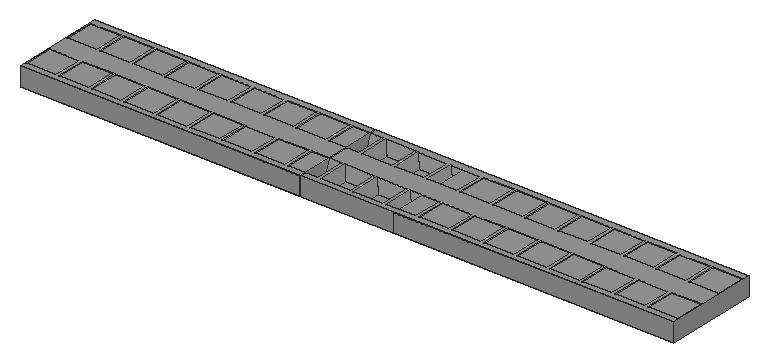
Revit family "2023777", category Lighting Fixtures, host Face, Revit 2018
Family settings
  Host = Face
  Round Connector Dimension = Use Diameter
  Part Type = Normal
  OmniClass Number = 23.80.70.00
  OmniClass Title = Lighting
  Cut with Voids When Loaded = No
  Light Source = Yes
  Shared = No
  Room Calculation Point = No
Parameters (values of type "2023777 OPTIX S 1500 2L D/I HO 4K WHT DA")
  Weight = "n/a"
  Wattage Comments = ""
  Wattage = 9.2903 W
  WarrantyStartDate [instance] = "n/a"
  WarrantyGuarantorParts = "n/a"
  WarrantyDurationUnit = "n/a"
  WarrantyDurationParts = ""
  WarrantyDescription = "http://www.sylvania-lighting.com"
  built-in parameter 1150110 = 1 (stored number, unit not read)
  Voltage = 0 V
  URL = "0.98"
  TypeName = "OPTIX SURFACE 1500 2L D/I HO 4000K WHT DALI"
  Type Image = <None>
  Type Comments = "n/a"
  built-in parameter 1114217 = 1 (stored number, unit not read)
  Tilt Angle = -90.00°
  built-in parameter 1150109 = 1 (stored number, unit not read)
  built-in parameter 1150134 = 3
  built-in parameter 1150113 = 1 (stored number, unit not read)
  SerialNumber [instance] = "n/a"
  Photometric Web File = "2023777.ies"
  Material_3_SYL = none
  PowerFactor = 0
  PowerConsumption = "Lighting"
  NominalLength = 200 mm
  NominalHeight = 45 mm
  NominalDepth = 200 mm
  Name = "OPTIX SURFACE 1500 2L D/I HO 4000K WHT DALI"
  ModelReference = Name  # "OPTIX SURFACE 1500 2L D/I HO 4000K WHT DALI"
  ModelNumber = "2023777"
  Model = Name  # "OPTIX SURFACE 1500 2L D/I HO 4000K WHT DALI"
  Material = "Feilo Sylvania"
  ManufacturerName = "171 lm/W"
  Manufacturer = ""
  LuminousEfficacy = ""
  built-in parameter 1150105 = 109.82 (stored number, unit not read)
  Lumens = 1380 lm
  LuminaireType = "0"
  built-in parameter 1150115 = 1 (stored number, unit not read)
  LightOutputRatio = "LED"
  built-in parameter 1150137 = (empty or 0)
  built-in parameter 1150139 = (empty or 0)
  LampsType = Lamp  # "n/a"
  LampNominalLuminous = "4000 K"
  LampMacAdamStep = "80"
  LampColourTemperature = "LED"
  LampColourRenderingIndex = "16500"
  built-in parameter 1150112 = 1 (stored number, unit not read)
  built-in parameter 1150114 = 1 (stored number, unit not read)
  Lamp = "n/a"
  Keynote = "n/a"
  InstallationDate [instance] = "n/a"
  InputVoltage = "0"
  InputNominalFrequency = "4000"
  built-in parameter 1150132 = (empty or 0)
  built-in parameter 1150102 = (empty or 0)
  built-in parameter 1150107 = 3200 (stored number, unit not read)
  built-in parameter 1150138 = (empty or 0)
  IngressProtection = "IfcLightFixtureType"
  ImpactProtectionIndex = "IfcLightFixtureType"
  built-in parameter 1150106 = 1.0982 (stored number, unit not read)
  IfcExportType = "IfcLightFixtureType"
  IfcExportAs = "Class I"
  Emit from Circle Diameter = 609.6 mm
  Emit Shape Visible in Rendering = no
  ElectricShockClassification = "171"
  built-in parameter 1150104 = 13.8 (stored number, unit not read)
  DocumentationLiterature = "http://www.sylvania-lighting.com/product/en-int/products/2023777"
  DimmingControlOptions = "n/a"
  Material_2_SYL = none
  Dimming Lamp Color Temperature Shift = <None>
  Description = "OPTIX SURFACE 1500x200 2 LINE D/I HO 4000K WHT DALI is a high efficacy low glare luminaire for office and education applications. Direct / Indirect lighting with 80% downlight and 20% uplight ratio for ceiling suspended mounting. Size: 1410x200x45mm. White plastic low glare optics in 2 lines configuration. White RAL9016 fixture body. DALI dimmable. 4000K Neutral White LED, CRI>80, chromaticity tolerance of 3-step MacAdam ellipse. Luminous flux 7000lm. Power consumption 44W. Luminaire efficacy 159lm/W. Lifespan: 60,000 hours L90B10. UGR<19, Luminance at 65°<3000 Cd/m2, IK07, IP20. Photobiological safety risk group 1. Electrical protection Class I. Glow wire test 850°C."
  Default Elevation = 1219.2 mm
  CreatedOn = "22/09/2022"
  CreatedBy = "@sylvania-lighting.com"
  Cost = 0
  Color Filter = 16777215
  built-in parameter 1114216 [instance] = (empty or 0)
  ClassificationValue = "EF_70_80"
  ClassificationName = "Uniclass2015"
  Material_1_SYL = none
  BarCode [instance] = "n/a"
  built-in parameter 1114218 = 1 (stored number, unit not read)
  built-in parameter 1150133 = 10 (stored number, unit not read)
  AssetType = "Fixed"
  AssetIdentifier [instance] = "n/a"
  Assembly Code = "D5020200"
  Apparent Load = 41 VA
  Material_4_SYL = none
Reference planes
  plane 1 "Center (Front/Back)": y = 0
  plane 2: z = 0
  plane 3 "Center (Left/Right)": x = 0
  plane 4: x = -100
  plane 5: x = 100
  plane 6: y = 100
  plane 7: y = -100
  plane 8: z = 45
  plane 9: x = -698.5
  plane 10: x = 698.5
  plane 11: x = -633
  plane 12: y = 23
  plane 13: y = -23
  plane 14: x = -563
  plane 15: x = -557
  plane 16: x = -493
  plane 17: x = -487
  plane 18: x = -423
  plane 19: x = -417
  plane 20: x = -353
  plane 21: x = -347
  plane 22: x = -283
  plane 23: x = -277
  plane 24: x = -213
  plane 25: x = -206.997
  plane 26: x = -142.997
  plane 27: x = -136.997
  plane 28: x = -72.997
  plane 29: x = -66.997
  plane 30: x = -2.997
  plane 31: x = 3.003
  plane 32: x = 67.003
  plane 33: x = 73.003
  plane 34: x = 137.003
  plane 35: x = 143.003
  plane 36: x = 207.003
  plane 37: x = 213.003
  plane 38: x = 277.003
  plane 39: x = 283.003
  plane 40: x = 347.003
  plane 41: x = 353.003
  plane 42: x = 417.003
  plane 43: x = 423.003
  plane 44: x = 487.003
  plane 45: x = 493.003
  plane 46: x = 557.003
  plane 47: x = 563.003
  plane 48: x = 627.003
  plane 49: x = 633.003
  plane 50: x = -627
  plane 51: x = 697.011
  plane 52: x = -697
  plane 53: y = -87
  plane 54: y = -55
  plane 55: y = -33.5
  plane 56: y = -76.5
  plane 57: x = -665
  plane 58: x = -643.5
  plane 59: x = -686.5
  plane 60: x = -595
  plane 61: y = -5
  plane 62: z = 52.5
Forms (mm)
  Extrusion 1, solid, material "Aluminum", detail levels medium+fine
    sketch origin (0, 0, 0) x (1, 0, 0) y (0, 1, 0)
      loop
        line (-512.5, 10) -> (-512.5, -10) -> (-487.5, -10) -> (-487.5, 10) -> (-512.5, 10)
    from 0 to 6
  Extrusion 2, solid, material "Aluminum", detail levels medium+fine
    sketch origin (0, 0, 0) x (1, 0, 0) y (0, 1, 0)
      loop
        line (486, 10) -> (486, -10) -> (511, -10) -> (511, 10) -> (486, 10)
    from 0 to 6
  Extrusion 3, solid, material "Aluminum", detail levels medium+fine
    sketch origin (0, 0, 0) x (1, 0, 0) y (0, 1, 0)
      loop
        line (-698.5, 100) -> (-698.5, -100) -> (698.5, -100) -> (698.5, 100) -> (-698.5, 100)
    from 6 to 45
  Extrusion 4, solid, material "Aluminum", detail levels medium+fine
    sketch origin (0, 0, 0) x (1, 0, 0) y (0, 1, 0)
      loop
        line (-100, 100) -> (-698.5, 100) -> (-698.5, -100) -> (-100, -100) -> (-100, 100)
    from 6 to 45
  Extrusion 5, solid, material "Aluminum", detail levels medium+fine
    sketch origin (0, 0, 0) x (1, 0, 0) y (0, 1, 0)
      loop
        line (698.5, 100) -> (100, 100) -> (100, -100) -> (698.5, -100) -> (698.5, 100)
    from 6 to 45
  Blend 6, void
    base sketch origin (0, 0, 0) x (1, 0, 0) y (0, 1, 0)
      loop
        line (-697, -23) -> (-697, -87) -> (-633, -87) -> (-633, -23) -> (-697, -23)
    top sketch origin (0, 0, 0) x (1, 0, 0) y (0, 1, 0)
      loop
        line (-686.5, -33.5) -> (-686.5, -76.5) -> (-643.5, -76.5) -> (-643.5, -33.5) -> (-686.5, -33.5)
    from 45 to 18.5
  Extrusion 7, solid, material "Glass, White, High Luminance", detail levels fine
    sketch origin (0, 0, 0) x (1, 0, 0) y (0, 1, 0)
      loop
        line (-686.5, -33.5) -> (-686.5, -76.5) -> (-643.5, -76.5) -> (-643.5, -33.5) -> (-686.5, -33.5)
    from 18.5 to 20
  Blend 8, void
    base sketch origin (70, 0, 0) x (1, 0, 0) y (0, 1, 0)
      loop
        line (-697, -23) -> (-697, -87) -> (-633, -87) -> (-633, -23) -> (-697, -23)
    top sketch origin (70, 0, 0) x (1, 0, 0) y (0, 1, 0)
      loop
        line (-686.5, -33.5) -> (-686.5, -76.5) -> (-643.5, -76.5) -> (-643.5, -33.5) -> (-686.5, -33.5)
    from 45 to 18.5
  Blend 9, void
    base sketch origin (140, 0, 0) x (1, 0, 0) y (0, 1, 0)
      loop
        line (-697, -23) -> (-697, -87) -> (-633, -87) -> (-633, -23) -> (-697, -23)
    top sketch origin (140, 0, 0) x (1, 0, 0) y (0, 1, 0)
      loop
        line (-686.5, -33.5) -> (-686.5, -76.5) -> (-643.5, -76.5) -> (-643.5, -33.5) -> (-686.5, -33.5)
    from 45 to 18.5
  Blend 10, void
    base sketch origin (210, 0, 0) x (1, 0, 0) y (0, 1, 0)
      loop
        line (-697, -23) -> (-697, -87) -> (-633, -87) -> (-633, -23) -> (-697, -23)
    top sketch origin (210, 0, 0) x (1, 0, 0) y (0, 1, 0)
      loop
        line (-686.5, -33.5) -> (-686.5, -76.5) -> (-643.5, -76.5) -> (-643.5, -33.5) -> (-686.5, -33.5)
    from 45 to 18.5
  Blend 11, void
    base sketch origin (280, 0, 0) x (1, 0, 0) y (0, 1, 0)
      loop
        line (-697, -23) -> (-697, -87) -> (-633, -87) -> (-633, -23) -> (-697, -23)
    top sketch origin (280, 0, 0) x (1, 0, 0) y (0, 1, 0)
      loop
        line (-686.5, -33.5) -> (-686.5, -76.5) -> (-643.5, -76.5) -> (-643.5, -33.5) -> (-686.5, -33.5)
    from 45 to 18.5
  Blend 12, void
    base sketch origin (350, 0, 0) x (1, 0, 0) y (0, 1, 0)
      loop
        line (-697, -23) -> (-697, -87) -> (-633, -87) -> (-633, -23) -> (-697, -23)
    top sketch origin (350, 0, 0) x (1, 0, 0) y (0, 1, 0)
      loop
        line (-686.5, -33.5) -> (-686.5, -76.5) -> (-643.5, -76.5) -> (-643.5, -33.5) -> (-686.5, -33.5)
    from 45 to 18.5
  Blend 13, void
    base sketch origin (420, 0, 0) x (1, 0, 0) y (0, 1, 0)
      loop
        line (-697, -23) -> (-697, -87) -> (-633, -87) -> (-633, -23) -> (-697, -23)
    top sketch origin (420, 0, 0) x (1, 0, 0) y (0, 1, 0)
      loop
        line (-686.5, -33.5) -> (-686.5, -76.5) -> (-643.5, -76.5) -> (-643.5, -33.5) -> (-686.5, -33.5)
    from 45 to 18.5
  Blend 14, void
    base sketch origin (490.003, 0, 0) x (1, 0, 0) y (0, 1, 0)
      loop
        line (-697, -23) -> (-697, -87) -> (-633, -87) -> (-633, -23) -> (-697, -23)
    top sketch origin (490.003, 0, 0) x (1, 0, 0) y (0, 1, 0)
      loop
        line (-686.5, -33.5) -> (-686.5, -76.5) -> (-643.5, -76.5) -> (-643.5, -33.5) -> (-686.5, -33.5)
    from 45 to 18.5
  Blend 15, void
    base sketch origin (560.003, 0, 0) x (1, 0, 0) y (0, 1, 0)
      loop
        line (-697, -23) -> (-697, -87) -> (-633, -87) -> (-633, -23) -> (-697, -23)
    top sketch origin (560.003, 0, 0) x (1, 0, 0) y (0, 1, 0)
      loop
        line (-686.5, -33.5) -> (-686.5, -76.5) -> (-643.5, -76.5) -> (-643.5, -33.5) -> (-686.5, -33.5)
    from 45 to 18.5
  Blend 16, void
    base sketch origin (630.003, 0, 0) x (1, 0, 0) y (0, 1, 0)
      loop
        line (-697, -23) -> (-697, -87) -> (-633, -87) -> (-633, -23) -> (-697, -23)
    top sketch origin (630.003, 0, 0) x (1, 0, 0) y (0, 1, 0)
      loop
        line (-686.5, -33.5) -> (-686.5, -76.5) -> (-643.5, -76.5) -> (-643.5, -33.5) -> (-686.5, -33.5)
    from 45 to 18.5
  Blend 17, void
    base sketch origin (700.003, 0, 0) x (1, 0, 0) y (0, 1, 0)
      loop
        line (-697, -23) -> (-697, -87) -> (-633, -87) -> (-633, -23) -> (-697, -23)
    top sketch origin (700.003, 0, 0) x (1, 0, 0) y (0, 1, 0)
      loop
        line (-686.5, -33.5) -> (-686.5, -76.5) -> (-643.5, -76.5) -> (-643.5, -33.5) -> (-686.5, -33.5)
    from 45 to 18.5
  Blend 18, void
    base sketch origin (770.003, 0, 0) x (1, 0, 0) y (0, 1, 0)
      loop
        line (-697, -23) -> (-697, -87) -> (-633, -87) -> (-633, -23) -> (-697, -23)
    top sketch origin (770.003, 0, 0) x (1, 0, 0) y (0, 1, 0)
      loop
        line (-686.5, -33.5) -> (-686.5, -76.5) -> (-643.5, -76.5) -> (-643.5, -33.5) -> (-686.5, -33.5)
    from 45 to 18.5
  Blend 19, void
    base sketch origin (840.003, 0, 0) x (1, 0, 0) y (0, 1, 0)
      loop
        line (-697, -23) -> (-697, -87) -> (-633, -87) -> (-633, -23) -> (-697, -23)
    top sketch origin (840.003, 0, 0) x (1, 0, 0) y (0, 1, 0)
      loop
        line (-686.5, -33.5) -> (-686.5, -76.5) -> (-643.5, -76.5) -> (-643.5, -33.5) -> (-686.5, -33.5)
    from 45 to 18.5
  Blend 20, void
    base sketch origin (910.003, 0, 0) x (1, 0, 0) y (0, 1, 0)
      loop
        line (-697, -23) -> (-697, -87) -> (-633, -87) -> (-633, -23) -> (-697, -23)
    top sketch origin (910.003, 0, 0) x (1, 0, 0) y (0, 1, 0)
      loop
        line (-686.5, -33.5) -> (-686.5, -76.5) -> (-643.5, -76.5) -> (-643.5, -33.5) -> (-686.5, -33.5)
    from 45 to 18.5
  Blend 21, void
    base sketch origin (980.003, 0, 0) x (1, 0, 0) y (0, 1, 0)
      loop
        line (-697, -23) -> (-697, -87) -> (-633, -87) -> (-633, -23) -> (-697, -23)
    top sketch origin (980.003, 0, 0) x (1, 0, 0) y (0, 1, 0)
      loop
        line (-686.5, -33.5) -> (-686.5, -76.5) -> (-643.5, -76.5) -> (-643.5, -33.5) -> (-686.5, -33.5)
    from 45 to 18.5
  Blend 22, void
    base sketch origin (1050.003, 0, 0) x (1, 0, 0) y (0, 1, 0)
      loop
        line (-697, -23) -> (-697, -87) -> (-633, -87) -> (-633, -23) -> (-697, -23)
    top sketch origin (1050.003, 0, 0) x (1, 0, 0) y (0, 1, 0)
      loop
        line (-686.5, -33.5) -> (-686.5, -76.5) -> (-643.5, -76.5) -> (-643.5, -33.5) -> (-686.5, -33.5)
    from 45 to 18.5
  Blend 23, void
    base sketch origin (1120.003, 0, 0) x (1, 0, 0) y (0, 1, 0)
      loop
        line (-697, -23) -> (-697, -87) -> (-633, -87) -> (-633, -23) -> (-697, -23)
    top sketch origin (1120.003, 0, 0) x (1, 0, 0) y (0, 1, 0)
      loop
        line (-686.5, -33.5) -> (-686.5, -76.5) -> (-643.5, -76.5) -> (-643.5, -33.5) -> (-686.5, -33.5)
    from 45 to 18.5
  Blend 24, void
    base sketch origin (1190.003, 0, 0) x (1, 0, 0) y (0, 1, 0)
      loop
        line (-697, -23) -> (-697, -87) -> (-633, -87) -> (-633, -23) -> (-697, -23)
    top sketch origin (1190.003, 0, 0) x (1, 0, 0) y (0, 1, 0)
      loop
        line (-686.5, -33.5) -> (-686.5, -76.5) -> (-643.5, -76.5) -> (-643.5, -33.5) -> (-686.5, -33.5)
    from 45 to 18.5
  Blend 25, void
    base sketch origin (1260.003, 0, 0) x (1, 0, 0) y (0, 1, 0)
      loop
        line (-697, -23) -> (-697, -87) -> (-633, -87) -> (-633, -23) -> (-697, -23)
    top sketch origin (1260.003, 0, 0) x (1, 0, 0) y (0, 1, 0)
      loop
        line (-686.5, -33.5) -> (-686.5, -76.5) -> (-643.5, -76.5) -> (-643.5, -33.5) -> (-686.5, -33.5)
    from 45 to 18.5
  Blend 26, void
    base sketch origin (1330.003, 0, 0) x (1, 0, 0) y (0, 1, 0)
      loop
        line (-697, -23) -> (-697, -87) -> (-633, -87) -> (-633, -23) -> (-697, -23)
    top sketch origin (1330.003, 0, 0) x (1, 0, 0) y (0, 1, 0)
      loop
        line (-686.5, -33.5) -> (-686.5, -76.5) -> (-643.5, -76.5) -> (-643.5, -33.5) -> (-686.5, -33.5)
    from 45 to 18.5
  Extrusion 27, solid, material "Glass, White, High Luminance", detail levels fine
    sketch origin (70, 0, 0) x (1, 0, 0) y (0, 1, 0)
      loop
        line (-686.5, -33.5) -> (-686.5, -76.5) -> (-643.5, -76.5) -> (-643.5, -33.5) -> (-686.5, -33.5)
    from 18.5 to 20
  Extrusion 28, solid, material "Glass, White, High Luminance", detail levels fine
    sketch origin (140, 0, 0) x (1, 0, 0) y (0, 1, 0)
      loop
        line (-686.5, -33.5) -> (-686.5, -76.5) -> (-643.5, -76.5) -> (-643.5, -33.5) -> (-686.5, -33.5)
    from 18.5 to 20
  Extrusion 29, solid, material "Glass, White, High Luminance", detail levels fine
    sketch origin (210, 0, 0) x (1, 0, 0) y (0, 1, 0)
      loop
        line (-686.5, -33.5) -> (-686.5, -76.5) -> (-643.5, -76.5) -> (-643.5, -33.5) -> (-686.5, -33.5)
    from 18.5 to 20
  Extrusion 30, solid, material "Glass, White, High Luminance", detail levels fine
    sketch origin (280, 0, 0) x (1, 0, 0) y (0, 1, 0)
      loop
        line (-686.5, -33.5) -> (-686.5, -76.5) -> (-643.5, -76.5) -> (-643.5, -33.5) -> (-686.5, -33.5)
    from 18.5 to 20
  Extrusion 31, solid, material "Glass, White, High Luminance", detail levels fine
    sketch origin (350, 0, 0) x (1, 0, 0) y (0, 1, 0)
      loop
        line (-686.5, -33.5) -> (-686.5, -76.5) -> (-643.5, -76.5) -> (-643.5, -33.5) -> (-686.5, -33.5)
    from 18.5 to 20
  Extrusion 32, solid, material "Glass, White, High Luminance", detail levels fine
    sketch origin (420, 0, 0) x (1, 0, 0) y (0, 1, 0)
      loop
        line (-686.5, -33.5) -> (-686.5, -76.5) -> (-643.5, -76.5) -> (-643.5, -33.5) -> (-686.5, -33.5)
    from 18.5 to 20
  Extrusion 33, solid, material "Glass, White, High Luminance", detail levels fine
    sketch origin (490.003, 0, 0) x (1, 0, 0) y (0, 1, 0)
      loop
        line (-686.5, -33.5) -> (-686.5, -76.5) -> (-643.5, -76.5) -> (-643.5, -33.5) -> (-686.5, -33.5)
    from 18.5 to 20
  Extrusion 34, solid, material "Glass, White, High Luminance", detail levels fine
    sketch origin (560.003, 0, 0) x (1, 0, 0) y (0, 1, 0)
      loop
        line (-686.5, -33.5) -> (-686.5, -76.5) -> (-643.5, -76.5) -> (-643.5, -33.5) -> (-686.5, -33.5)
    from 18.5 to 20
  Extrusion 35, solid, material "Glass, White, High Luminance", detail levels fine
    sketch origin (630.003, 0, 0) x (1, 0, 0) y (0, 1, 0)
      loop
        line (-686.5, -33.5) -> (-686.5, -76.5) -> (-643.5, -76.5) -> (-643.5, -33.5) -> (-686.5, -33.5)
    from 18.5 to 20
  Extrusion 36, solid, material "Glass, White, High Luminance", detail levels fine
    sketch origin (700.003, 0, 0) x (1, 0, 0) y (0, 1, 0)
      loop
        line (-686.5, -33.5) -> (-686.5, -76.5) -> (-643.5, -76.5) -> (-643.5, -33.5) -> (-686.5, -33.5)
    from 18.5 to 20
  Extrusion 37, solid, material "Glass, White, High Luminance", detail levels fine
    sketch origin (770.003, 0, 0) x (1, 0, 0) y (0, 1, 0)
      loop
        line (-686.5, -33.5) -> (-686.5, -76.5) -> (-643.5, -76.5) -> (-643.5, -33.5) -> (-686.5, -33.5)
    from 18.5 to 20
  Extrusion 38, solid, material "Glass, White, High Luminance", detail levels fine
    sketch origin (840.003, 0, 0) x (1, 0, 0) y (0, 1, 0)
      loop
        line (-686.5, -33.5) -> (-686.5, -76.5) -> (-643.5, -76.5) -> (-643.5, -33.5) -> (-686.5, -33.5)
    from 18.5 to 20
  Extrusion 39, solid, material "Glass, White, High Luminance", detail levels fine
    sketch origin (910.003, 0, 0) x (1, 0, 0) y (0, 1, 0)
      loop
        line (-686.5, -33.5) -> (-686.5, -76.5) -> (-643.5, -76.5) -> (-643.5, -33.5) -> (-686.5, -33.5)
    from 18.5 to 20
  Extrusion 40, solid, material "Glass, White, High Luminance", detail levels fine
    sketch origin (980.003, 0, 0) x (1, 0, 0) y (0, 1, 0)
      loop
        line (-686.5, -33.5) -> (-686.5, -76.5) -> (-643.5, -76.5) -> (-643.5, -33.5) -> (-686.5, -33.5)
    from 18.5 to 20
  Extrusion 41, solid, material "Glass, White, High Luminance", detail levels fine
    sketch origin (1050.003, 0, 0) x (1, 0, 0) y (0, 1, 0)
      loop
        line (-686.5, -33.5) -> (-686.5, -76.5) -> (-643.5, -76.5) -> (-643.5, -33.5) -> (-686.5, -33.5)
    from 18.5 to 20
  Extrusion 42, solid, material "Glass, White, High Luminance", detail levels fine
    sketch origin (1120.003, 0, 0) x (1, 0, 0) y (0, 1, 0)
      loop
        line (-686.5, -33.5) -> (-686.5, -76.5) -> (-643.5, -76.5) -> (-643.5, -33.5) -> (-686.5, -33.5)
    from 18.5 to 20
  Extrusion 43, solid, material "Glass, White, High Luminance", detail levels fine
    sketch origin (1190.003, 0, 0) x (1, 0, 0) y (0, 1, 0)
      loop
        line (-686.5, -33.5) -> (-686.5, -76.5) -> (-643.5, -76.5) -> (-643.5, -33.5) -> (-686.5, -33.5)
    from 18.5 to 20
  Extrusion 44, solid, material "Glass, White, High Luminance", detail levels fine
    sketch origin (1260.003, 0, 0) x (1, 0, 0) y (0, 1, 0)
      loop
        line (-686.5, -33.5) -> (-686.5, -76.5) -> (-643.5, -76.5) -> (-643.5, -33.5) -> (-686.5, -33.5)
    from 18.5 to 20
  Extrusion 45, solid, material "Glass, White, High Luminance", detail levels fine
    sketch origin (1330.003, 0, 0) x (1, 0, 0) y (0, 1, 0)
      loop
        line (-686.5, -33.5) -> (-686.5, -76.5) -> (-643.5, -76.5) -> (-643.5, -33.5) -> (-686.5, -33.5)
    from 18.5 to 20
  Blend 46, void
    base sketch origin (0, 110, 0) x (1, 0, 0) y (0, 1, 0)
      loop
        line (-697, -23) -> (-697, -87) -> (-633, -87) -> (-633, -23) -> (-697, -23)
    top sketch origin (0, 110, 0) x (1, 0, 0) y (0, 1, 0)
      loop
        line (-686.5, -33.5) -> (-686.5, -76.5) -> (-643.5, -76.5) -> (-643.5, -33.5) -> (-686.5, -33.5)
    from 45 to 18.5
  Blend 47, void
    base sketch origin (70, 110, 0) x (1, 0, 0) y (0, 1, 0)
      loop
        line (-697, -23) -> (-697, -87) -> (-633, -87) -> (-633, -23) -> (-697, -23)
    top sketch origin (70, 110, 0) x (1, 0, 0) y (0, 1, 0)
      loop
        line (-686.5, -33.5) -> (-686.5, -76.5) -> (-643.5, -76.5) -> (-643.5, -33.5) -> (-686.5, -33.5)
    from 45 to 18.5
  Blend 48, void
    base sketch origin (140, 110, 0) x (1, 0, 0) y (0, 1, 0)
      loop
        line (-697, -23) -> (-697, -87) -> (-633, -87) -> (-633, -23) -> (-697, -23)
    top sketch origin (140, 110, 0) x (1, 0, 0) y (0, 1, 0)
      loop
        line (-686.5, -33.5) -> (-686.5, -76.5) -> (-643.5, -76.5) -> (-643.5, -33.5) -> (-686.5, -33.5)
    from 45 to 18.5
  Blend 49, void
    base sketch origin (210, 110, 0) x (1, 0, 0) y (0, 1, 0)
      loop
        line (-697, -23) -> (-697, -87) -> (-633, -87) -> (-633, -23) -> (-697, -23)
    top sketch origin (210, 110, 0) x (1, 0, 0) y (0, 1, 0)
      loop
        line (-686.5, -33.5) -> (-686.5, -76.5) -> (-643.5, -76.5) -> (-643.5, -33.5) -> (-686.5, -33.5)
    from 45 to 18.5
  Blend 50, void
    base sketch origin (280, 110, 0) x (1, 0, 0) y (0, 1, 0)
      loop
        line (-697, -23) -> (-697, -87) -> (-633, -87) -> (-633, -23) -> (-697, -23)
    top sketch origin (280, 110, 0) x (1, 0, 0) y (0, 1, 0)
      loop
        line (-686.5, -33.5) -> (-686.5, -76.5) -> (-643.5, -76.5) -> (-643.5, -33.5) -> (-686.5, -33.5)
    from 45 to 18.5
  Blend 51, void
    base sketch origin (350, 110, 0) x (1, 0, 0) y (0, 1, 0)
      loop
        line (-697, -23) -> (-697, -87) -> (-633, -87) -> (-633, -23) -> (-697, -23)
    top sketch origin (350, 110, 0) x (1, 0, 0) y (0, 1, 0)
      loop
        line (-686.5, -33.5) -> (-686.5, -76.5) -> (-643.5, -76.5) -> (-643.5, -33.5) -> (-686.5, -33.5)
    from 45 to 18.5
  Blend 52, void
    base sketch origin (420, 110, 0) x (1, 0, 0) y (0, 1, 0)
      loop
        line (-697, -23) -> (-697, -87) -> (-633, -87) -> (-633, -23) -> (-697, -23)
    top sketch origin (420, 110, 0) x (1, 0, 0) y (0, 1, 0)
      loop
        line (-686.5, -33.5) -> (-686.5, -76.5) -> (-643.5, -76.5) -> (-643.5, -33.5) -> (-686.5, -33.5)
    from 45 to 18.5
  Blend 53, void
    base sketch origin (490.003, 110, 0) x (1, 0, 0) y (0, 1, 0)
      loop
        line (-697, -23) -> (-697, -87) -> (-633, -87) -> (-633, -23) -> (-697, -23)
    top sketch origin (490.003, 110, 0) x (1, 0, 0) y (0, 1, 0)
      loop
        line (-686.5, -33.5) -> (-686.5, -76.5) -> (-643.5, -76.5) -> (-643.5, -33.5) -> (-686.5, -33.5)
    from 45 to 18.5
  Blend 54, void
    base sketch origin (560.003, 110, 0) x (1, 0, 0) y (0, 1, 0)
      loop
        line (-697, -23) -> (-697, -87) -> (-633, -87) -> (-633, -23) -> (-697, -23)
    top sketch origin (560.003, 110, 0) x (1, 0, 0) y (0, 1, 0)
      loop
        line (-686.5, -33.5) -> (-686.5, -76.5) -> (-643.5, -76.5) -> (-643.5, -33.5) -> (-686.5, -33.5)
    from 45 to 18.5
  Blend 55, void
    base sketch origin (630.003, 110, 0) x (1, 0, 0) y (0, 1, 0)
      loop
        line (-697, -23) -> (-697, -87) -> (-633, -87) -> (-633, -23) -> (-697, -23)
    top sketch origin (630.003, 110, 0) x (1, 0, 0) y (0, 1, 0)
      loop
        line (-686.5, -33.5) -> (-686.5, -76.5) -> (-643.5, -76.5) -> (-643.5, -33.5) -> (-686.5, -33.5)
    from 45 to 18.5
  Blend 56, void
    base sketch origin (700.003, 110, 0) x (1, 0, 0) y (0, 1, 0)
      loop
        line (-697, -23) -> (-697, -87) -> (-633, -87) -> (-633, -23) -> (-697, -23)
    top sketch origin (700.003, 110, 0) x (1, 0, 0) y (0, 1, 0)
      loop
        line (-686.5, -33.5) -> (-686.5, -76.5) -> (-643.5, -76.5) -> (-643.5, -33.5) -> (-686.5, -33.5)
    from 45 to 18.5
  Blend 57, void
    base sketch origin (770.003, 110, 0) x (1, 0, 0) y (0, 1, 0)
      loop
        line (-697, -23) -> (-697, -87) -> (-633, -87) -> (-633, -23) -> (-697, -23)
    top sketch origin (770.003, 110, 0) x (1, 0, 0) y (0, 1, 0)
      loop
        line (-686.5, -33.5) -> (-686.5, -76.5) -> (-643.5, -76.5) -> (-643.5, -33.5) -> (-686.5, -33.5)
    from 45 to 18.5
  Blend 58, void
    base sketch origin (840.003, 110, 0) x (1, 0, 0) y (0, 1, 0)
      loop
        line (-697, -23) -> (-697, -87) -> (-633, -87) -> (-633, -23) -> (-697, -23)
    top sketch origin (840.003, 110, 0) x (1, 0, 0) y (0, 1, 0)
      loop
        line (-686.5, -33.5) -> (-686.5, -76.5) -> (-643.5, -76.5) -> (-643.5, -33.5) -> (-686.5, -33.5)
    from 45 to 18.5
  Blend 59, void
    base sketch origin (910.003, 110, 0) x (1, 0, 0) y (0, 1, 0)
      loop
        line (-697, -23) -> (-697, -87) -> (-633, -87) -> (-633, -23) -> (-697, -23)
    top sketch origin (910.003, 110, 0) x (1, 0, 0) y (0, 1, 0)
      loop
        line (-686.5, -33.5) -> (-686.5, -76.5) -> (-643.5, -76.5) -> (-643.5, -33.5) -> (-686.5, -33.5)
    from 45 to 18.5
  Blend 60, void
    base sketch origin (980.003, 110, 0) x (1, 0, 0) y (0, 1, 0)
      loop
        line (-697, -23) -> (-697, -87) -> (-633, -87) -> (-633, -23) -> (-697, -23)
    top sketch origin (980.003, 110, 0) x (1, 0, 0) y (0, 1, 0)
      loop
        line (-686.5, -33.5) -> (-686.5, -76.5) -> (-643.5, -76.5) -> (-643.5, -33.5) -> (-686.5, -33.5)
    from 45 to 18.5
  Blend 61, void
    base sketch origin (1050.003, 110, 0) x (1, 0, 0) y (0, 1, 0)
      loop
        line (-697, -23) -> (-697, -87) -> (-633, -87) -> (-633, -23) -> (-697, -23)
    top sketch origin (1050.003, 110, 0) x (1, 0, 0) y (0, 1, 0)
      loop
        line (-686.5, -33.5) -> (-686.5, -76.5) -> (-643.5, -76.5) -> (-643.5, -33.5) -> (-686.5, -33.5)
    from 45 to 18.5
  Blend 62, void
    base sketch origin (1120.003, 110, 0) x (1, 0, 0) y (0, 1, 0)
      loop
        line (-697, -23) -> (-697, -87) -> (-633, -87) -> (-633, -23) -> (-697, -23)
    top sketch origin (1120.003, 110, 0) x (1, 0, 0) y (0, 1, 0)
      loop
        line (-686.5, -33.5) -> (-686.5, -76.5) -> (-643.5, -76.5) -> (-643.5, -33.5) -> (-686.5, -33.5)
    from 45 to 18.5
  Blend 63, void
    base sketch origin (1190.003, 110, 0) x (1, 0, 0) y (0, 1, 0)
      loop
        line (-697, -23) -> (-697, -87) -> (-633, -87) -> (-633, -23) -> (-697, -23)
    top sketch origin (1190.003, 110, 0) x (1, 0, 0) y (0, 1, 0)
      loop
        line (-686.5, -33.5) -> (-686.5, -76.5) -> (-643.5, -76.5) -> (-643.5, -33.5) -> (-686.5, -33.5)
    from 45 to 18.5
  Blend 64, void
    base sketch origin (1260.003, 110, 0) x (1, 0, 0) y (0, 1, 0)
      loop
        line (-697, -23) -> (-697, -87) -> (-633, -87) -> (-633, -23) -> (-697, -23)
    top sketch origin (1260.003, 110, 0) x (1, 0, 0) y (0, 1, 0)
      loop
        line (-686.5, -33.5) -> (-686.5, -76.5) -> (-643.5, -76.5) -> (-643.5, -33.5) -> (-686.5, -33.5)
    from 45 to 18.5
  Blend 65, void
    base sketch origin (1330.003, 110, 0) x (1, 0, 0) y (0, 1, 0)
      loop
        line (-697, -23) -> (-697, -87) -> (-633, -87) -> (-633, -23) -> (-697, -23)
    top sketch origin (1330.003, 110, 0) x (1, 0, 0) y (0, 1, 0)
      loop
        line (-686.5, -33.5) -> (-686.5, -76.5) -> (-643.5, -76.5) -> (-643.5, -33.5) -> (-686.5, -33.5)
    from 45 to 18.5
  Extrusion 66, solid, material "Glass, White, High Luminance", detail levels fine
    sketch origin (0, 110, 0) x (1, 0, 0) y (0, 1, 0)
      loop
        line (-686.5, -33.5) -> (-686.5, -76.5) -> (-643.5, -76.5) -> (-643.5, -33.5) -> (-686.5, -33.5)
    from 18.5 to 20
  Extrusion 67, solid, material "Glass, White, High Luminance", detail levels fine
    sketch origin (70, 110, 0) x (1, 0, 0) y (0, 1, 0)
      loop
        line (-686.5, -33.5) -> (-686.5, -76.5) -> (-643.5, -76.5) -> (-643.5, -33.5) -> (-686.5, -33.5)
    from 18.5 to 20
  Extrusion 68, solid, material "Glass, White, High Luminance", detail levels fine
    sketch origin (140, 110, 0) x (1, 0, 0) y (0, 1, 0)
      loop
        line (-686.5, -33.5) -> (-686.5, -76.5) -> (-643.5, -76.5) -> (-643.5, -33.5) -> (-686.5, -33.5)
    from 18.5 to 20
  Extrusion 69, solid, material "Glass, White, High Luminance", detail levels fine
    sketch origin (210, 110, 0) x (1, 0, 0) y (0, 1, 0)
      loop
        line (-686.5, -33.5) -> (-686.5, -76.5) -> (-643.5, -76.5) -> (-643.5, -33.5) -> (-686.5, -33.5)
    from 18.5 to 20
  Extrusion 70, solid, material "Glass, White, High Luminance", detail levels fine
    sketch origin (280, 110, 0) x (1, 0, 0) y (0, 1, 0)
      loop
        line (-686.5, -33.5) -> (-686.5, -76.5) -> (-643.5, -76.5) -> (-643.5, -33.5) -> (-686.5, -33.5)
    from 18.5 to 20
  Extrusion 71, solid, material "Glass, White, High Luminance", detail levels fine
    sketch origin (350, 110, 0) x (1, 0, 0) y (0, 1, 0)
      loop
        line (-686.5, -33.5) -> (-686.5, -76.5) -> (-643.5, -76.5) -> (-643.5, -33.5) -> (-686.5, -33.5)
    from 18.5 to 20
  Extrusion 72, solid, material "Glass, White, High Luminance", detail levels fine
    sketch origin (420, 110, 0) x (1, 0, 0) y (0, 1, 0)
      loop
        line (-686.5, -33.5) -> (-686.5, -76.5) -> (-643.5, -76.5) -> (-643.5, -33.5) -> (-686.5, -33.5)
    from 18.5 to 20
  Extrusion 73, solid, material "Glass, White, High Luminance", detail levels fine
    sketch origin (700.003, 110, 0) x (1, 0, 0) y (0, 1, 0)
      loop
        line (-686.5, -33.5) -> (-686.5, -76.5) -> (-643.5, -76.5) -> (-643.5, -33.5) -> (-686.5, -33.5)
    from 18.5 to 20
  Extrusion 74, solid, material "Glass, White, High Luminance", detail levels fine
    sketch origin (770.003, 110, 0) x (1, 0, 0) y (0, 1, 0)
      loop
        line (-686.5, -33.5) -> (-686.5, -76.5) -> (-643.5, -76.5) -> (-643.5, -33.5) -> (-686.5, -33.5)
    from 18.5 to 20
  Extrusion 75, solid, material "Glass, White, High Luminance", detail levels fine
    sketch origin (840.003, 110, 0) x (1, 0, 0) y (0, 1, 0)
      loop
        line (-686.5, -33.5) -> (-686.5, -76.5) -> (-643.5, -76.5) -> (-643.5, -33.5) -> (-686.5, -33.5)
    from 18.5 to 20
  Extrusion 76, solid, material "Glass, White, High Luminance", detail levels fine
    sketch origin (910.003, 110, 0) x (1, 0, 0) y (0, 1, 0)
      loop
        line (-686.5, -33.5) -> (-686.5, -76.5) -> (-643.5, -76.5) -> (-643.5, -33.5) -> (-686.5, -33.5)
    from 18.5 to 20
  Extrusion 77, solid, material "Glass, White, High Luminance", detail levels fine
    sketch origin (980.003, 110, 0) x (1, 0, 0) y (0, 1, 0)
      loop
        line (-686.5, -33.5) -> (-686.5, -76.5) -> (-643.5, -76.5) -> (-643.5, -33.5) -> (-686.5, -33.5)
    from 18.5 to 20
  Extrusion 78, solid, material "Glass, White, High Luminance", detail levels fine
    sketch origin (1050.003, 110, 0) x (1, 0, 0) y (0, 1, 0)
      loop
        line (-686.5, -33.5) -> (-686.5, -76.5) -> (-643.5, -76.5) -> (-643.5, -33.5) -> (-686.5, -33.5)
    from 18.5 to 20
  Extrusion 79, solid, material "Glass, White, High Luminance", detail levels fine
    sketch origin (1120.003, 110, 0) x (1, 0, 0) y (0, 1, 0)
      loop
        line (-686.5, -33.5) -> (-686.5, -76.5) -> (-643.5, -76.5) -> (-643.5, -33.5) -> (-686.5, -33.5)
    from 18.5 to 20
  Extrusion 80, solid, material "Glass, White, High Luminance", detail levels fine
    sketch origin (1190.003, 110, 0) x (1, 0, 0) y (0, 1, 0)
      loop
        line (-686.5, -33.5) -> (-686.5, -76.5) -> (-643.5, -76.5) -> (-643.5, -33.5) -> (-686.5, -33.5)
    from 18.5 to 20
  Extrusion 81, solid, material "Glass, White, High Luminance", detail levels fine
    sketch origin (1260.003, 110, 0) x (1, 0, 0) y (0, 1, 0)
      loop
        line (-686.5, -33.5) -> (-686.5, -76.5) -> (-643.5, -76.5) -> (-643.5, -33.5) -> (-686.5, -33.5)
    from 18.5 to 20
  Extrusion 82, solid, material "Glass, White, High Luminance", detail levels fine
    sketch origin (1330.003, 110, 0) x (1, 0, 0) y (0, 1, 0)
      loop
        line (-686.5, -33.5) -> (-686.5, -76.5) -> (-643.5, -76.5) -> (-643.5, -33.5) -> (-686.5, -33.5)
    from 18.5 to 20
  Extrusion 83, solid, material "Glass, White, High Luminance", detail levels fine
    sketch origin (490.003, 110, 0) x (1, 0, 0) y (0, 1, 0)
      loop
        line (-686.5, -33.5) -> (-686.5, -76.5) -> (-643.5, -76.5) -> (-643.5, -33.5) -> (-686.5, -33.5)
    from 18.5 to 20
  Extrusion 84, solid, material "Glass, White, High Luminance", detail levels fine
    sketch origin (560.003, 110, 0) x (1, 0, 0) y (0, 1, 0)
      loop
        line (-686.5, -33.5) -> (-686.5, -76.5) -> (-643.5, -76.5) -> (-643.5, -33.5) -> (-686.5, -33.5)
    from 18.5 to 20
  Extrusion 85, solid, material "Glass, White, High Luminance", detail levels fine
    sketch origin (630.003, 110, 0) x (1, 0, 0) y (0, 1, 0)
      loop
        line (-686.5, -33.5) -> (-686.5, -76.5) -> (-643.5, -76.5) -> (-643.5, -33.5) -> (-686.5, -33.5)
    from 18.5 to 20
  Extrusion 86, solid, detail levels coarse
    sketch origin (0, 0, 0) x (1, 0, 0) y (0, 1, 0)
      loop
        line (-100, 100) -> (-100, -100) -> (100, -100) -> (100, 100) -> (-100, 100)
    from 0 to 45
Cuts and joins
  Blend 6, Blend 8, Blend 9, Blend 10, Blend 11, Blend 12, Blend 13, Blend 14, Blend 15, Blend 16, Blend 17, Blend 18, Blend 19, Blend 20, Blend 21, Blend 22, Blend 23, Blend 24, Blend 25, Blend 26, Blend 46, Blend 47, Blend 48, Blend 49, Blend 50, Blend 51, Blend 52, Blend 53, Blend 54, Blend 55, Blend 56, Blend 57, Blend 58, Blend 59, Blend 60, Blend 61, Blend 62, Blend 63, Blend 64, Blend 65 cuts Extrusion 3
  Blend 8, Blend 46 cuts Extrusion 7
  Blend 47 cuts Extrusion 27
  Blend 48 cuts Extrusion 28
  Blend 49 cuts Extrusion 29
  Blend 50 cuts Extrusion 30
  Blend 51 cuts Extrusion 31
  Blend 52 cuts Extrusion 32
  Blend 53 cuts Extrusion 33
  Blend 54 cuts Extrusion 34
  Blend 55 cuts Extrusion 35
  Blend 56 cuts Extrusion 36
  Blend 57 cuts Extrusion 37
  Blend 58 cuts Extrusion 38
  Blend 59 cuts Extrusion 39
  Blend 60 cuts Extrusion 40
  Blend 61 cuts Extrusion 41
  Blend 62 cuts Extrusion 42
  Blend 63 cuts Extrusion 43
  Blend 64 cuts Extrusion 44
  Blend 65 cuts Extrusion 45
Dimensions and locks
  "NominalLength": plane 4 to plane 5
  equal spacing: plane 4, plane 3 "Center (Left/Right)", plane 5
  "NominalDepth": plane 6 to plane 7
  equal spacing: plane 6, plane 1 "Center (Front/Back)", plane 7
  "NominalHeight": plane 8 to level
  aligned and locked: plane 2 to host face
  aligned and locked: level to host face
Automatic sketch dimensions
  host sketch curve to host sketch curve = 2438.4 mm  (x2)
  Extrusion 1 sketch curve to plane 16 = 19.5 mm
  Extrusion 1 sketch curve to plane 17 = 0.5 mm
  plane 1 "Center (Front/Back)" to Extrusion 1 sketch curve = 10 mm
  Extrusion 1 sketch curve to plane 1 "Center (Front/Back)" = 10 mm
  Extrusion 2 sketch curve to plane 44 = 1.003 mm
  plane 45 to Extrusion 2 sketch curve = 17.997 mm
  plane 1 "Center (Front/Back)" to Extrusion 2 sketch curve = 10 mm
  Extrusion 2 sketch curve to plane 1 "Center (Front/Back)" = 10 mm
  Extrusion 3 sketch curve to plane 7 = 0 mm
  Extrusion 3 sketch curve to plane 9 = 0 mm
  Extrusion 3 sketch curve to plane 10 = 0 mm
  Extrusion 3 sketch curve to plane 6 = 0 mm
  Extrusion 4 sketch curve to plane 4 = 0 mm
  Extrusion 4 sketch curve to plane 7 = 0 mm
  Extrusion 4 sketch curve to plane 9 = 0 mm
  Extrusion 4 sketch curve to plane 6 = 0 mm
  Extrusion 5 sketch curve to plane 7 = 0 mm
  Extrusion 5 sketch curve to plane 10 = 0 mm
  Extrusion 5 sketch curve to plane 5 = 0 mm
  Extrusion 5 sketch curve to plane 6 = 0 mm
  Blend 6 sketch curve to plane 52 = 0 mm
  Blend 6 sketch curve to plane 11 = 0 mm
  Blend 6 sketch curve to plane 53 = 0 mm
  Blend 6 sketch curve to plane 13 = 0 mm
  Blend 6 sketch curve to plane 56 = 0 mm
  Blend 6 sketch curve to plane 59 = 0 mm
  Blend 6 sketch curve to plane 58 = 0 mm
  Blend 6 sketch curve to plane 55 = 0 mm
  Extrusion 7 sketch curve to plane 56 = 0 mm
  Extrusion 7 sketch curve to plane 59 = 0 mm
  Extrusion 7 sketch curve to plane 58 = 0 mm
  Extrusion 7 sketch curve to plane 55 = 0 mm
  Blend 8 sketch curve to plane 50 = 0 mm
  Blend 8 sketch curve to plane 14 = 0 mm
  Blend 8 sketch curve to plane 53 = 0 mm
  Blend 8 sketch curve to plane 13 = 0 mm
  Blend 8 sketch curve to plane 56 = 0 mm
  Blend 8 sketch curve to plane 55 = 0 mm
  plane 50 to Blend 8 sketch curve = 10.5 mm
  Blend 8 sketch curve to plane 14 = 10.5 mm
  Blend 9 sketch curve to plane 15 = 0 mm
  Blend 9 sketch curve to plane 16 = 0 mm
  plane 53 to Blend 9 sketch curve = 0 mm
  Blend 9 sketch curve to plane 13 = 0 mm
  plane 56 to Blend 9 sketch curve = 0 mm
  plane 55 to Blend 9 sketch curve = 0 mm
  plane 15 to Blend 9 sketch curve = 10.5 mm
  Blend 9 sketch curve to plane 16 = 10.5 mm
  Blend 10 sketch curve to plane 17 = 0 mm
  Blend 10 sketch curve to plane 18 = 0 mm
  plane 53 to Blend 10 sketch curve = 0 mm
  Blend 10 sketch curve to plane 13 = 0 mm
  plane 56 to Blend 10 sketch curve = 0 mm
  plane 55 to Blend 10 sketch curve = 0 mm
  plane 17 to Blend 10 sketch curve = 10.5 mm
  Blend 10 sketch curve to plane 18 = 10.5 mm
  Blend 11 sketch curve to plane 19 = 0 mm
  Blend 11 sketch curve to plane 20 = 0 mm
  plane 53 to Blend 11 sketch curve = 0 mm
  Blend 11 sketch curve to plane 13 = 0 mm
  plane 56 to Blend 11 sketch curve = 0 mm
  plane 55 to Blend 11 sketch curve = 0 mm
  plane 19 to Blend 11 sketch curve = 10.5 mm
  Blend 11 sketch curve to plane 20 = 10.5 mm
  Blend 12 sketch curve to plane 21 = 0 mm
  Blend 12 sketch curve to plane 22 = 0 mm
  plane 53 to Blend 12 sketch curve = 0 mm
  Blend 12 sketch curve to plane 13 = 0 mm
  plane 56 to Blend 12 sketch curve = 0 mm
  plane 55 to Blend 12 sketch curve = 0 mm
  plane 21 to Blend 12 sketch curve = 10.5 mm
  Blend 12 sketch curve to plane 22 = 10.5 mm
  Blend 13 sketch curve to plane 23 = 0 mm
  Blend 13 sketch curve to plane 24 = 0 mm
  plane 53 to Blend 13 sketch curve = 0 mm
  Blend 13 sketch curve to plane 13 = 0 mm
  plane 56 to Blend 13 sketch curve = 0 mm
  plane 55 to Blend 13 sketch curve = 0 mm
  plane 23 to Blend 13 sketch curve = 10.5 mm
  Blend 13 sketch curve to plane 24 = 10.5 mm
  Blend 14 sketch curve to plane 25 = 0 mm
  Blend 14 sketch curve to plane 26 = 0 mm
  plane 53 to Blend 14 sketch curve = 0 mm
  Blend 14 sketch curve to plane 13 = 0 mm
  plane 56 to Blend 14 sketch curve = 0 mm
  plane 55 to Blend 14 sketch curve = 0 mm
  plane 25 to Blend 14 sketch curve = 10.5 mm
  Blend 14 sketch curve to plane 26 = 10.5 mm
  Blend 15 sketch curve to plane 27 = 0 mm
  Blend 15 sketch curve to plane 28 = 0 mm
  plane 53 to Blend 15 sketch curve = 0 mm
  Blend 15 sketch curve to plane 13 = 0 mm
  plane 56 to Blend 15 sketch curve = 0 mm
  plane 55 to Blend 15 sketch curve = 0 mm
  plane 27 to Blend 15 sketch curve = 10.5 mm
  Blend 15 sketch curve to plane 28 = 10.5 mm
  Blend 16 sketch curve to plane 29 = 0 mm
  Blend 16 sketch curve to plane 30 = 0 mm
  plane 53 to Blend 16 sketch curve = 0 mm
  Blend 16 sketch curve to plane 13 = 0 mm
  plane 56 to Blend 16 sketch curve = 0 mm
  plane 55 to Blend 16 sketch curve = 0 mm
  plane 29 to Blend 16 sketch curve = 10.5 mm
  Blend 16 sketch curve to plane 30 = 10.5 mm
  Blend 17 sketch curve to plane 31 = 0 mm
  Blend 17 sketch curve to plane 32 = 0 mm
  plane 53 to Blend 17 sketch curve = 0 mm
  Blend 17 sketch curve to plane 13 = 0 mm
  plane 56 to Blend 17 sketch curve = 0 mm
  plane 55 to Blend 17 sketch curve = 0 mm
  plane 31 to Blend 17 sketch curve = 10.5 mm
  Blend 17 sketch curve to plane 32 = 10.5 mm
  Blend 18 sketch curve to plane 33 = 0 mm
  Blend 18 sketch curve to plane 34 = 0 mm
  plane 53 to Blend 18 sketch curve = 0 mm
  Blend 18 sketch curve to plane 13 = 0 mm
  plane 56 to Blend 18 sketch curve = 0 mm
  plane 55 to Blend 18 sketch curve = 0 mm
  plane 33 to Blend 18 sketch curve = 10.5 mm
  Blend 18 sketch curve to plane 34 = 10.5 mm
  Blend 19 sketch curve to plane 35 = 0 mm
  Blend 19 sketch curve to plane 36 = 0 mm
  plane 53 to Blend 19 sketch curve = 0 mm
  Blend 19 sketch curve to plane 13 = 0 mm
  plane 56 to Blend 19 sketch curve = 0 mm
  plane 55 to Blend 19 sketch curve = 0 mm
  plane 35 to Blend 19 sketch curve = 10.5 mm
  Blend 19 sketch curve to plane 36 = 10.5 mm
  Blend 20 sketch curve to plane 37 = 0 mm
  Blend 20 sketch curve to plane 38 = 0 mm
  plane 53 to Blend 20 sketch curve = 0 mm
  Blend 20 sketch curve to plane 13 = 0 mm
  plane 56 to Blend 20 sketch curve = 0 mm
  plane 55 to Blend 20 sketch curve = 0 mm
  plane 37 to Blend 20 sketch curve = 10.5 mm
  Blend 20 sketch curve to plane 38 = 10.5 mm
  Blend 21 sketch curve to plane 39 = 0 mm
  Blend 21 sketch curve to plane 40 = 0 mm
  plane 53 to Blend 21 sketch curve = 0 mm
  Blend 21 sketch curve to plane 13 = 0 mm
  plane 56 to Blend 21 sketch curve = 0 mm
  plane 55 to Blend 21 sketch curve = 0 mm
  plane 39 to Blend 21 sketch curve = 10.5 mm
  Blend 21 sketch curve to plane 40 = 10.5 mm
  Blend 22 sketch curve to plane 41 = 0 mm
  Blend 22 sketch curve to plane 42 = 0 mm
  plane 53 to Blend 22 sketch curve = 0 mm
  Blend 22 sketch curve to plane 13 = 0 mm
  plane 56 to Blend 22 sketch curve = 0 mm
  plane 55 to Blend 22 sketch curve = 0 mm
  plane 41 to Blend 22 sketch curve = 10.5 mm
  Blend 22 sketch curve to plane 42 = 10.5 mm
  Blend 23 sketch curve to plane 43 = 0 mm
  Blend 23 sketch curve to plane 44 = 0 mm
  plane 53 to Blend 23 sketch curve = 0 mm
  Blend 23 sketch curve to plane 13 = 0 mm
  plane 56 to Blend 23 sketch curve = 0 mm
  plane 55 to Blend 23 sketch curve = 0 mm
  plane 43 to Blend 23 sketch curve = 10.5 mm
  Blend 23 sketch curve to plane 44 = 10.5 mm
  Blend 24 sketch curve to plane 45 = 0 mm
  Blend 24 sketch curve to plane 46 = 0 mm
  plane 53 to Blend 24 sketch curve = 0 mm
  Blend 24 sketch curve to plane 13 = 0 mm
  plane 56 to Blend 24 sketch curve = 0 mm
  plane 55 to Blend 24 sketch curve = 0 mm
  plane 45 to Blend 24 sketch curve = 10.5 mm
  Blend 24 sketch curve to plane 46 = 10.5 mm
  Blend 25 sketch curve to plane 47 = 0 mm
  Blend 25 sketch curve to plane 48 = 0 mm
  plane 53 to Blend 25 sketch curve = 0 mm
  Blend 25 sketch curve to plane 13 = 0 mm
  plane 56 to Blend 25 sketch curve = 0 mm
  plane 55 to Blend 25 sketch curve = 0 mm
  plane 47 to Blend 25 sketch curve = 10.5 mm
  Blend 25 sketch curve to plane 48 = 10.5 mm
  Blend 26 sketch curve to plane 49 = 0 mm
  plane 53 to Blend 26 sketch curve = 0 mm
  Blend 26 sketch curve to plane 13 = 0 mm
  Blend 26 sketch curve to plane 51 = 0.009 mm
  plane 56 to Blend 26 sketch curve = 0 mm
  plane 55 to Blend 26 sketch curve = 0 mm
  plane 49 to Blend 26 sketch curve = 10.5 mm
  Blend 26 sketch curve to plane 51 = 10.509 mm
  Extrusion 27 sketch curve to plane 56 = 0 mm
  Extrusion 27 sketch curve to plane 55 = 0 mm
  plane 50 to Extrusion 27 sketch curve = 10.5 mm
  Extrusion 27 sketch curve to plane 14 = 10.5 mm
  plane 56 to Extrusion 28 sketch curve = 0 mm
  plane 55 to Extrusion 28 sketch curve = 0 mm
  plane 15 to Extrusion 28 sketch curve = 10.5 mm
  Extrusion 28 sketch curve to plane 16 = 10.5 mm
  plane 56 to Extrusion 29 sketch curve = 0 mm
  plane 55 to Extrusion 29 sketch curve = 0 mm
  plane 17 to Extrusion 29 sketch curve = 10.5 mm
  Extrusion 29 sketch curve to plane 18 = 10.5 mm
  plane 56 to Extrusion 30 sketch curve = 0 mm
  plane 55 to Extrusion 30 sketch curve = 0 mm
  plane 19 to Extrusion 30 sketch curve = 10.5 mm
  Extrusion 30 sketch curve to plane 20 = 10.5 mm
  plane 56 to Extrusion 31 sketch curve = 0 mm
  plane 55 to Extrusion 31 sketch curve = 0 mm
  plane 21 to Extrusion 31 sketch curve = 10.5 mm
  Extrusion 31 sketch curve to plane 22 = 10.5 mm
  plane 56 to Extrusion 32 sketch curve = 0 mm
  plane 55 to Extrusion 32 sketch curve = 0 mm
  plane 23 to Extrusion 32 sketch curve = 10.5 mm
  Extrusion 32 sketch curve to plane 24 = 10.5 mm
  plane 56 to Extrusion 33 sketch curve = 0 mm
  plane 55 to Extrusion 33 sketch curve = 0 mm
  plane 25 to Extrusion 33 sketch curve = 10.5 mm
  Extrusion 33 sketch curve to plane 26 = 10.5 mm
  plane 56 to Extrusion 34 sketch curve = 0 mm
  plane 55 to Extrusion 34 sketch curve = 0 mm
  plane 27 to Extrusion 34 sketch curve = 10.5 mm
  Extrusion 34 sketch curve to plane 28 = 10.5 mm
  plane 56 to Extrusion 35 sketch curve = 0 mm
  plane 55 to Extrusion 35 sketch curve = 0 mm
  plane 29 to Extrusion 35 sketch curve = 10.5 mm
  Extrusion 35 sketch curve to plane 30 = 10.5 mm
  plane 56 to Extrusion 36 sketch curve = 0 mm
  plane 55 to Extrusion 36 sketch curve = 0 mm
  plane 31 to Extrusion 36 sketch curve = 10.5 mm
  Extrusion 36 sketch curve to plane 32 = 10.5 mm
  plane 56 to Extrusion 37 sketch curve = 0 mm
  plane 55 to Extrusion 37 sketch curve = 0 mm
  plane 33 to Extrusion 37 sketch curve = 10.5 mm
  Extrusion 37 sketch curve to plane 34 = 10.5 mm
  plane 56 to Extrusion 38 sketch curve = 0 mm
  plane 55 to Extrusion 38 sketch curve = 0 mm
  plane 35 to Extrusion 38 sketch curve = 10.5 mm
  Extrusion 38 sketch curve to plane 36 = 10.5 mm
  plane 56 to Extrusion 39 sketch curve = 0 mm
  plane 55 to Extrusion 39 sketch curve = 0 mm
  plane 37 to Extrusion 39 sketch curve = 10.5 mm
  Extrusion 39 sketch curve to plane 38 = 10.5 mm
  plane 56 to Extrusion 40 sketch curve = 0 mm
  plane 55 to Extrusion 40 sketch curve = 0 mm
  plane 39 to Extrusion 40 sketch curve = 10.5 mm
  Extrusion 40 sketch curve to plane 40 = 10.5 mm
  plane 56 to Extrusion 41 sketch curve = 0 mm
  plane 55 to Extrusion 41 sketch curve = 0 mm
  plane 41 to Extrusion 41 sketch curve = 10.5 mm
  Extrusion 41 sketch curve to plane 42 = 10.5 mm
  plane 56 to Extrusion 42 sketch curve = 0 mm
  plane 55 to Extrusion 42 sketch curve = 0 mm
  plane 43 to Extrusion 42 sketch curve = 10.5 mm
  Extrusion 42 sketch curve to plane 44 = 10.5 mm
  plane 56 to Extrusion 43 sketch curve = 0 mm
  plane 55 to Extrusion 43 sketch curve = 0 mm
  plane 45 to Extrusion 43 sketch curve = 10.5 mm
  Extrusion 43 sketch curve to plane 46 = 10.5 mm
  plane 56 to Extrusion 44 sketch curve = 0 mm
  plane 55 to Extrusion 44 sketch curve = 0 mm
  plane 47 to Extrusion 44 sketch curve = 10.5 mm
  Extrusion 44 sketch curve to plane 48 = 10.5 mm
  plane 56 to Extrusion 45 sketch curve = 0 mm
  plane 55 to Extrusion 45 sketch curve = 0 mm
  plane 49 to Extrusion 45 sketch curve = 10.5 mm
  Extrusion 45 sketch curve to plane 51 = 10.509 mm
  Blend 46 sketch curve to plane 12 = 0 mm
  Blend 46 sketch curve to plane 52 = 0 mm
  Blend 46 sketch curve to plane 11 = 0 mm
  Blend 46 sketch curve to plane 6 = 13 mm
  Blend 46 sketch curve to plane 59 = 0 mm
  Blend 46 sketch curve to plane 58 = 0 mm
  plane 12 to Blend 46 sketch curve = 10.5 mm
  Blend 46 sketch curve to plane 6 = 23.5 mm
  Blend 47 sketch curve to plane 12 = 0 mm
  Blend 47 sketch curve to plane 50 = 0 mm
  Blend 47 sketch curve to plane 14 = 0 mm
  Blend 47 sketch curve to plane 6 = 13 mm
  plane 50 to Blend 47 sketch curve = 10.5 mm
  Blend 47 sketch curve to plane 14 = 10.5 mm
  plane 12 to Blend 47 sketch curve = 10.5 mm
  Blend 47 sketch curve to plane 6 = 23.5 mm
  Blend 48 sketch curve to plane 12 = 0 mm
  Blend 48 sketch curve to plane 15 = 0 mm
  Blend 48 sketch curve to plane 16 = 0 mm
  Blend 48 sketch curve to plane 6 = 13 mm
  plane 15 to Blend 48 sketch curve = 10.5 mm
  Blend 48 sketch curve to plane 16 = 10.5 mm
  plane 12 to Blend 48 sketch curve = 10.5 mm
  Blend 48 sketch curve to plane 6 = 23.5 mm
  Blend 49 sketch curve to plane 12 = 0 mm
  Blend 49 sketch curve to plane 17 = 0 mm
  Blend 49 sketch curve to plane 18 = 0 mm
  Blend 49 sketch curve to plane 6 = 13 mm
  plane 17 to Blend 49 sketch curve = 10.5 mm
  Blend 49 sketch curve to plane 18 = 10.5 mm
  plane 12 to Blend 49 sketch curve = 10.5 mm
  Blend 49 sketch curve to plane 6 = 23.5 mm
  Blend 50 sketch curve to plane 12 = 0 mm
  Blend 50 sketch curve to plane 19 = 0 mm
  Blend 50 sketch curve to plane 20 = 0 mm
  Blend 50 sketch curve to plane 6 = 13 mm
  plane 19 to Blend 50 sketch curve = 10.5 mm
  Blend 50 sketch curve to plane 20 = 10.5 mm
  plane 12 to Blend 50 sketch curve = 10.5 mm
  Blend 50 sketch curve to plane 6 = 23.5 mm
  Blend 51 sketch curve to plane 12 = 0 mm
  Blend 51 sketch curve to plane 21 = 0 mm
  Blend 51 sketch curve to plane 22 = 0 mm
  Blend 51 sketch curve to plane 6 = 13 mm
  plane 21 to Blend 51 sketch curve = 10.5 mm
  Blend 51 sketch curve to plane 22 = 10.5 mm
  plane 12 to Blend 51 sketch curve = 10.5 mm
  Blend 51 sketch curve to plane 6 = 23.5 mm
  Blend 52 sketch curve to plane 12 = 0 mm
  Blend 52 sketch curve to plane 23 = 0 mm
  Blend 52 sketch curve to plane 24 = 0 mm
  Blend 52 sketch curve to plane 6 = 13 mm
  plane 23 to Blend 52 sketch curve = 10.5 mm
  Blend 52 sketch curve to plane 24 = 10.5 mm
  plane 12 to Blend 52 sketch curve = 10.5 mm
  Blend 52 sketch curve to plane 6 = 23.5 mm
  Blend 53 sketch curve to plane 12 = 0 mm
  Blend 53 sketch curve to plane 25 = 0 mm
  Blend 53 sketch curve to plane 26 = 0 mm
  Blend 53 sketch curve to plane 6 = 13 mm
  plane 25 to Blend 53 sketch curve = 10.5 mm
  Blend 53 sketch curve to plane 26 = 10.5 mm
  plane 12 to Blend 53 sketch curve = 10.5 mm
  Blend 53 sketch curve to plane 6 = 23.5 mm
  Blend 54 sketch curve to plane 12 = 0 mm
  Blend 54 sketch curve to plane 27 = 0 mm
  Blend 54 sketch curve to plane 28 = 0 mm
  Blend 54 sketch curve to plane 6 = 13 mm
  plane 27 to Blend 54 sketch curve = 10.5 mm
  Blend 54 sketch curve to plane 28 = 10.5 mm
  plane 12 to Blend 54 sketch curve = 10.5 mm
  Blend 54 sketch curve to plane 6 = 23.5 mm
  Blend 55 sketch curve to plane 12 = 0 mm
  Blend 55 sketch curve to plane 29 = 0 mm
  Blend 55 sketch curve to plane 30 = 0 mm
  Blend 55 sketch curve to plane 6 = 13 mm
  plane 29 to Blend 55 sketch curve = 10.5 mm
  Blend 55 sketch curve to plane 30 = 10.5 mm
  plane 12 to Blend 55 sketch curve = 10.5 mm
  Blend 55 sketch curve to plane 6 = 23.5 mm
  Blend 56 sketch curve to plane 12 = 0 mm
  Blend 56 sketch curve to plane 31 = 0 mm
  Blend 56 sketch curve to plane 32 = 0 mm
  Blend 56 sketch curve to plane 6 = 13 mm
  plane 31 to Blend 56 sketch curve = 10.5 mm
  Blend 56 sketch curve to plane 32 = 10.5 mm
  plane 12 to Blend 56 sketch curve = 10.5 mm
  Blend 56 sketch curve to plane 6 = 23.5 mm
  Blend 57 sketch curve to plane 12 = 0 mm
  Blend 57 sketch curve to plane 33 = 0 mm
  Blend 57 sketch curve to plane 34 = 0 mm
  Blend 57 sketch curve to plane 6 = 13 mm
  plane 33 to Blend 57 sketch curve = 10.5 mm
  Blend 57 sketch curve to plane 34 = 10.5 mm
  plane 12 to Blend 57 sketch curve = 10.5 mm
  Blend 57 sketch curve to plane 6 = 23.5 mm
  Blend 58 sketch curve to plane 12 = 0 mm
  Blend 58 sketch curve to plane 35 = 0 mm
  Blend 58 sketch curve to plane 36 = 0 mm
  Blend 58 sketch curve to plane 6 = 13 mm
  plane 35 to Blend 58 sketch curve = 10.5 mm
  Blend 58 sketch curve to plane 36 = 10.5 mm
  plane 12 to Blend 58 sketch curve = 10.5 mm
  Blend 58 sketch curve to plane 6 = 23.5 mm
  Blend 59 sketch curve to plane 12 = 0 mm
  Blend 59 sketch curve to plane 37 = 0 mm
  Blend 59 sketch curve to plane 38 = 0 mm
  Blend 59 sketch curve to plane 6 = 13 mm
  plane 37 to Blend 59 sketch curve = 10.5 mm
  Blend 59 sketch curve to plane 38 = 10.5 mm
  plane 12 to Blend 59 sketch curve = 10.5 mm
  Blend 59 sketch curve to plane 6 = 23.5 mm
  Blend 60 sketch curve to plane 12 = 0 mm
  Blend 60 sketch curve to plane 39 = 0 mm
  Blend 60 sketch curve to plane 40 = 0 mm
  Blend 60 sketch curve to plane 6 = 13 mm
  plane 39 to Blend 60 sketch curve = 10.5 mm
  Blend 60 sketch curve to plane 40 = 10.5 mm
  plane 12 to Blend 60 sketch curve = 10.5 mm
  Blend 60 sketch curve to plane 6 = 23.5 mm
  Blend 61 sketch curve to plane 12 = 0 mm
  Blend 61 sketch curve to plane 41 = 0 mm
  Blend 61 sketch curve to plane 42 = 0 mm
  Blend 61 sketch curve to plane 6 = 13 mm
  plane 41 to Blend 61 sketch curve = 10.5 mm
  Blend 61 sketch curve to plane 42 = 10.5 mm
  plane 12 to Blend 61 sketch curve = 10.5 mm
  Blend 61 sketch curve to plane 6 = 23.5 mm
  Blend 62 sketch curve to plane 12 = 0 mm
  Blend 62 sketch curve to plane 43 = 0 mm
  Blend 62 sketch curve to plane 44 = 0 mm
  Blend 62 sketch curve to plane 6 = 13 mm
  plane 43 to Blend 62 sketch curve = 10.5 mm
  Blend 62 sketch curve to plane 44 = 10.5 mm
  plane 12 to Blend 62 sketch curve = 10.5 mm
  Blend 62 sketch curve to plane 6 = 23.5 mm
  Blend 63 sketch curve to plane 12 = 0 mm
  Blend 63 sketch curve to plane 45 = 0 mm
  Blend 63 sketch curve to plane 46 = 0 mm
  Blend 63 sketch curve to plane 6 = 13 mm
  plane 45 to Blend 63 sketch curve = 10.5 mm
  Blend 63 sketch curve to plane 46 = 10.5 mm
  plane 12 to Blend 63 sketch curve = 10.5 mm
  Blend 63 sketch curve to plane 6 = 23.5 mm
  Blend 64 sketch curve to plane 12 = 0 mm
  Blend 64 sketch curve to plane 47 = 0 mm
  Blend 64 sketch curve to plane 48 = 0 mm
  Blend 64 sketch curve to plane 6 = 13 mm
  plane 47 to Blend 64 sketch curve = 10.5 mm
  Blend 64 sketch curve to plane 48 = 10.5 mm
  plane 12 to Blend 64 sketch curve = 10.5 mm
  Blend 64 sketch curve to plane 6 = 23.5 mm
  Blend 65 sketch curve to plane 12 = 0 mm
  Blend 65 sketch curve to plane 49 = 0 mm
  Blend 65 sketch curve to plane 51 = 0.009 mm
  Blend 65 sketch curve to plane 6 = 13 mm
  plane 49 to Blend 65 sketch curve = 10.5 mm
  Blend 65 sketch curve to plane 51 = 10.509 mm
  plane 12 to Blend 65 sketch curve = 10.5 mm
  Blend 65 sketch curve to plane 6 = 23.5 mm
  Extrusion 66 sketch curve to plane 59 = 0 mm
  Extrusion 66 sketch curve to plane 58 = 0 mm
